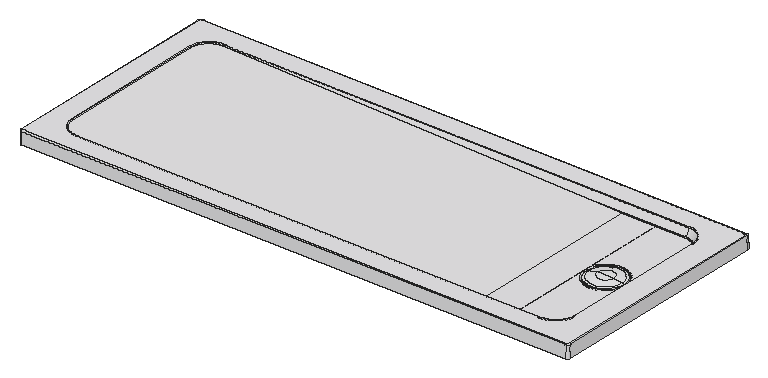
Revit family "Shower-Base-KOHLER-UK-400926", category Plumbing Fixtures, host Face, Revit 2017
Family settings
  Host = Face
  Round Connector Dimension = Use Diameter
  Part Type = Normal
  OmniClass Number = 23.31.17.13
  OmniClass Title = Shower Receptors
  Cut with Voids When Loaded = No
  Shared = No
  Room Calculation Point = No
Parameters (values of type "White")
  Width = 66 15/16"  # constant formula
  WaterSense Certified = 1 = 0  # no
  Waste Water Outlet = "Waste Water Outlet"  # constant formula
  Waste Connection = 1 = 1  # yes
  Vent Connection = 1 = 0  # no
  URL = "https://www.kohler.co.uk/"
  Type = 1
  Product Page URL = ""
  Product Name = "UK"  # constant formula
  Product Documentation Link = ""
  Pressure = 0.00 psi
  Model = "400926"  # constant formula
  Material = "Acrylic Capped ABS"  # constant formula
  Master Format 2014 Name = "Residential Showers"  # constant formula
  Master Format 2014 = "22 42 23"  # constant formula
  Manufacturer Address = "Cromwell Road, Cheltenham, Gloucestershire. GL52 5EP Registered in England No. 252115"  # constant formula
  Manufacturer = "KOHLER Co."  # constant formula
  Length = 27 143/256"  # constant formula
  Hot Water Inlet = "Hot Water Inlet"  # constant formula
  Height = 1 73/128"  # constant formula
  HW Connection = 1 = 0  # no
  Flow Rate = 0 GPM
  Finish = KOHLER-Acrylic-0-White
  Environmental Product Declaration = ""
  Drain Included = 1 = 1  # yes
  Description = "KOHLER UK LOW 1700 x 700 LL TRAY 0 PS"  # constant formula
  Default Elevation = 0"
  Declare Label = ""
  Date Modified = "08/25/2021"  # constant formula
  Date Created = "08/25/2021"  # constant formula
  Copyright = "Copyright KOHLER Co."  # constant formula
  Contact Us = "https://www.kohler.co.uk/support/contact/"
  Cold Water Inlet = "Cold Water Inlet"  # constant formula
  CW Connection = 1 = 0  # no
  Assembly Code = "D2010700"
  ADA Compliant = 1 = 0  # no
Reference planes (in)
  plane 1 "Center (Front/Back)": y = 0
  plane 2: z = 0
  plane 3 "Center (Left/Right)": x = 0
  plane 4: x = -33.46875
  plane 5: x = 33.46875
  plane 6: x = 26.97269
  plane 7: y = 13.77907
  plane 8: x = -30.83095
  plane 9: y = -13.77953
  plane 10: x = 30.83095
  plane 11: z = 1.57031
  plane 12: y = 11.14173
  plane 13: y = -11.14173
Dimensions and locks (in)
  "Width": plane 4 to plane 5
  plane 6 to plane 5 = 6.49606"
  "Length": plane 9 to plane 7
  plane 9 to plane 1 "Center (Front/Back)" = 13.77953"
  plane 9 to plane 13 = 2.6378"
  plane 4 to plane 8 = 2.6378"
  "Height": plane 11 to level
  aligned and locked: plane 2 to host face
  aligned and locked: level to host face
Automatic sketch dimensions
  host sketch curve to host sketch curve = 96"  (x2)
Nested families (in)
  nested 1: "400892" at (13.78371, 0, 0), type "400892"
Connectors (in)
  piping at (26.97269, 0, 0), diameter 1.77344, driven by "Waste Connection", driven by "Waste Water Outlet"
    settings: on nested 1, index 1, connector inside diameter 24", connector length 0", flow factor 0, pipe flow 0 GPM, pressure drop 0.00 psi, fitting loss kfactor 0, connector angle 0.00°, fixture units 0, engagement length 0", angle of deflection 0.00°, flow configuration 0, flow direction 2, fitting loss method 0, system type 16, joint type 0, gender type 0, connector reference index -1, connector utility 1, adjustable connector no, is connector primary yes, connector description "Waste Water Outlet"
Definition of nested family "400892"
  Parameters (values of type "400892")
    Material = none
  Reference planes (in)
    plane 1 "Center (Front/Back)": y = 0
    plane 2: z = 0
    plane 3 "Center (Left/Right)": x = 0
    plane 4: x = -47.25246
    plane 5: x = 19.68504
    plane 6: x = 13.18898
    plane 7: x = -44.61467
    plane 8: x = -13.78371
    plane 9: y = 13.77953
    plane 10: x = 17.04724
    plane 11: z = 1.57
    plane 12: y = -11.14173
    plane 13: y = -13.77953
    plane 14: y = 11.14173
  Forms (in)
    Sweep 1, solid, material <- "Material", detail levels medium+fine
      path origin (0, 0, 0) x (1, 0, 0) y (0, 1, 0)
        loop
          line (-47.24409, 13.47059) -> (-47.24409, -13.47059)
          arc (-47.24409, -13.47059) -> (-47.15361, -13.68904) -> (-46.93515, -13.77953) r 0.30894
          line (-46.93515, -13.77953) -> (19.3761, -13.77953)
          arc (19.3761, -13.77953) -> (19.59455, -13.68904) -> (19.68504, -13.47059) r 0.30894
          line (19.68504, -13.47059) -> (19.68504, 13.47059)
          arc (19.68504, 13.47059) -> (19.59455, 13.68904) -> (19.3761, 13.77953) r 0.30894
          line (19.3761, 13.77953) -> (-46.93515, 13.77953)
          arc (-46.93515, 13.77953) -> (-47.15361, 13.68904) -> (-47.24409, 13.47059) r 0.30894
      profile origin (-47.24409, 0, 0) x (1, 0, 0) y (0, 0, 1)
        loop
          line (0.00064, 0) -> (0.19274, 0) -> (0.19274, 1.57) -> (0.15624, 1.57)
          arc (0.15624, 1.57) -> (0.07423, 1.53666) -> (0.03876, 1.45556) r 0.11752
          line (0.03876, 1.45556) -> (0.00064, 0)
    Sweep 2, solid, material <- "Material", detail levels medium+fine
      path origin (0, 0, 0) x (1, 0, 0) y (0, 1, 0)
        loop
          line (-44.48218, 8.97638) -> (-44.48218, -8.97638)
          arc (-44.48218, -8.97638) -> (-43.84797, -10.50751) -> (-42.31683, -11.14173) r 2.16535
          line (-42.31683, -11.14173) -> (14.28496, -11.14173)
          arc (14.28496, -11.14173) -> (15.8161, -10.50751) -> (16.45032, -8.97638) r 2.16535
          line (16.45032, -8.97638) -> (16.45032, 8.97638)
          arc (16.45032, 8.97638) -> (15.8161, 10.50751) -> (14.28496, 11.14173) r 2.16535
          line (14.28496, 11.14173) -> (-42.31683, 11.14173)
          arc (-42.31683, 11.14173) -> (-43.84797, 10.50751) -> (-44.48218, 8.97638) r 2.16535
      profile origin (16.45032, 0, 0) x (1, 0, 0) y (0, 0, 1)
        loop
          arc (0.16765, 1.57) -> (0.12142, 1.55652) -> (0.08966, 1.52032) r 0.08605
          line (0.08966, 1.52032) -> (-0.30181, 0.6808)
          arc (-0.30181, 0.6808) -> (-0.34662, 0.6297) -> (-0.41187, 0.61069) r 0.12143
          line (-0.41187, 0.61069) -> (-0.51673, 0.61069) -> (-0.51673, 0) -> (0.22753, 0) -> (0.22753, 1.57) -> (0.16765, 1.57)
    Extrusion 3, solid, material <- "Material", detail levels medium+fine
      sketch origin (0, 0, 0) x (1, 0, 0) y (0, 1, 0)
        loop
          line (-44.70971, 8.97638) -> (-44.70971, -8.97638)
          arc (-44.70971, -8.97638) -> (-44.00885, -10.6684) -> (-42.31683, -11.36926) r 2.39288
          line (-42.31683, -11.36926) -> (14.28496, -11.36926)
          arc (14.28496, -11.36926) -> (15.97699, -10.6684) -> (16.67785, -8.97638) r 2.39288
          line (16.67785, -8.97638) -> (16.67785, 8.97638)
          arc (16.67785, 8.97638) -> (15.97699, 10.6684) -> (14.28496, 11.36926) r 2.39288
          line (14.28496, 11.36926) -> (-42.31683, 11.36926)
          arc (-42.31683, 11.36926) -> (-44.00885, 10.6684) -> (-44.70971, 8.97638) r 2.39288
        loop
          arc (19.3761, -13.58679) -> (19.45827, -13.55276) -> (19.4923, -13.47059) r 0.1162
          line (19.4923, -13.47059) -> (19.4923, 13.47059)
          arc (19.4923, 13.47059) -> (19.45827, 13.55276) -> (19.3761, 13.58679) r 0.1162
          line (19.3761, 13.58679) -> (-46.93515, 13.58679)
          arc (-46.93515, 13.58679) -> (-47.01732, 13.55276) -> (-47.05136, 13.47059) r 0.1162
          line (-47.05136, 13.47059) -> (-47.05136, -13.47059)
          arc (-47.05136, -13.47059) -> (-47.01732, -13.55276) -> (-46.93515, -13.58679) r 0.1162
          line (-46.93515, -13.58679) -> (19.3761, -13.58679)
      from 0 to 1.57
    Extrusion 4, solid, material <- "Material", detail levels medium+fine
      sketch origin (0, 0, 0) x (1, 0, 0) y (0, 1, 0)
        loop
          arc (-42.31683, 13.01427) -> (-44.37424, 12.16206) -> (-45.22645, 10.10466) r 2.90962
          line (-45.22645, 10.10466) -> (-45.22645, -10.07316)
          arc (-45.22645, -10.07316) -> (-44.37424, -12.13057) -> (-42.31683, -12.98278) r 2.90962
          line (-42.31683, -12.98278) -> (14.28496, -12.98278)
          arc (14.28496, -12.98278) -> (16.36464, -12.12134) -> (17.22608, -10.04166) r 2.94111
          line (17.22608, -10.04166) -> (17.22608, 10.07316)
          arc (17.22608, 10.07316) -> (16.36464, 12.15284) -> (14.28496, 13.01427) r 2.94111
          line (14.28496, 13.01427) -> (-42.31683, 13.01427)
      from 0 to 0.61069
    Extrusion 5, solid, material <- "Material", detail levels medium+fine
      sketch origin (0, 0, 0) x (1, 0, 0) y (0, 0, 1)
        loop
          line (-45.82384, 1.52188) -> (-45.82384, 0.27134) -> (10.64181, 0.27134) -> (10.64181, 0.53841) -> (-45.82384, 1.52188)
      from -12.98278 to 12.98278
    Revolve 6, void
      sketch origin (0, 0, 0) x (1, 0, 0) y (0, 0, 1)
        loop
          line (13.18898, 0.61069) -> (10.69274, 0.61069)
          arc (10.69274, 0.61069) -> (10.79972, 0.57015) -> (10.85299, 0.46891) r 0.16145
          arc (10.85299, 0.46891) -> (10.89377, 0.38886) -> (10.97647, 0.35375) r 0.13134
          line (10.97647, 0.35375) -> (11.29827, 0.33689)
          arc (11.29827, 0.33689) -> (11.38715, 0.29591) -> (11.42342, 0.205) r 0.13206
          line (11.42342, 0.205) -> (11.42342, 0.04921) -> (13.18898, 0.04921) -> (13.18898, 0.61069)
        axis (13.18898, 0.61069) -> (13.18898, 0.04921)
      angle from 0 to 360
    Revolve 7, solid, detail levels medium+fine
      sketch origin (0, 0, 0) x (1, 0, 0) y (0, 0, 1)
        loop
          arc (12.20594, 0.82873) -> (11.70777, 0.76396) -> (11.21368, 0.67311) r 9.5597
          arc (11.21368, 0.67311) -> (11.05913, 0.63913) -> (10.90515, 0.6026) r 9.5597
          arc (10.90515, 0.6026) -> (10.87312, 0.57863) -> (10.86808, 0.53894) r 0.05123
          arc (10.86808, 0.53894) -> (10.88165, 0.50167) -> (10.90057, 0.46682) r 0.26756
          arc (10.90057, 0.46682) -> (10.95181, 0.41914) -> (11.01962, 0.40184) r 0.14155
          line (11.01962, 0.40184) -> (11.34496, 0.40184)
          arc (11.34496, 0.40184) -> (11.4528, 0.35717) -> (11.49747, 0.24933) r 0.15251
          line (11.49747, 0.24933) -> (11.49747, 0.14287)
          arc (11.49747, 0.14287) -> (11.51069, 0.11097) -> (11.54258, 0.09776) r 0.04511
          line (11.54258, 0.09776) -> (13.18898, 0.09776) -> (13.18898, 0.87941)
          arc (13.18898, 0.87941) -> (12.69681, 0.86673) -> (12.20594, 0.82873) r 9.5597
        axis (13.18898, 0.09776) -> (13.18898, 0.87941)
      angle from 0 to 360
    Extrusion 8, solid, material <- "Material", detail levels coarse
      sketch origin (0, 0, 0) x (1, 0, 0) y (0, 1, 0)
        loop
          line (-47.24409, 13.77953) -> (-47.24409, -13.77953) -> (19.68504, -13.77953) -> (19.68504, 13.77953) -> (-47.24409, 13.77953)
      from 0 to 1.57
    Extrusion 9, void
      sketch origin (0, 0, 0) x (1, 0, 0) y (0, 1, 0)
        loop
          arc (-41.70505, 11.14173) -> (-43.76246, 10.28953) -> (-44.61467, 8.23212) r 2.90962
          line (-44.61467, 8.23212) -> (-44.61467, -8.23212)
          arc (-44.61467, -8.23212) -> (-43.76246, -10.28953) -> (-41.70505, -11.14173) r 2.90962
          line (-41.70505, -11.14173) -> (14.10613, -11.14173)
          arc (14.10613, -11.14173) -> (16.16354, -10.28953) -> (17.01575, -8.23212) r 2.90962
          line (17.01575, -8.23212) -> (17.01575, 8.23212)
          arc (17.01575, 8.23212) -> (16.16354, 10.28953) -> (14.10613, 11.14173) r 2.90962
          line (14.10613, 11.14173) -> (-41.70505, 11.14173)
      from 0.58571 to 2.83896
    Extrusion 10, solid, material <- "Material", detail levels medium+fine
      sketch origin (0, 0, 0) x (1, 0, 0) y (0, 1, 0)
        loop
          circle (13.18898, 0) r 0.11247
      from 0 to 0.04921
  Cuts and joins
    Revolve 6 cuts Extrusion 4
    joined: Sweep 1, Sweep 2, Extrusion 3, Extrusion 4
    Extrusion 9 cuts Extrusion 8
  Lines and regions (in)
    Masking region 1
      outline origin (0, 0, 0) x (1, 0, 0) y (0, 1, 0)
        loop
          arc (-46.94399, 13.77953) -> (-47.16211, 13.68918) -> (-47.25246, 13.47106) r 0.30847
          line (-47.25246, 13.47106) -> (-47.25246, -13.47106)
          arc (-47.25246, -13.47106) -> (-47.16211, -13.68918) -> (-46.94399, -13.77953) r 0.30847
          line (-46.94399, -13.77953) -> (19.37657, -13.77953)
          arc (19.37657, -13.77953) -> (19.59469, -13.68918) -> (19.68504, -13.47106) r 0.30847
          line (19.68504, -13.47106) -> (19.68504, 13.47106)
          arc (19.68504, 13.47106) -> (19.59469, 13.68918) -> (19.37657, 13.77953) r 0.30847
          line (19.37657, 13.77953) -> (-46.94399, 13.77953)
    Masking region 2
      outline origin (0, 0, 0) x (1, 0, 0) y (0, 0, 1)
        loop
          arc (-47.09035, 1.57) -> (-47.17114, 1.53715) -> (-47.20607, 1.45724) r 0.11576
          line (-47.20607, 1.45724) -> (-47.2438, 0) -> (19.68474, 0) -> (19.64702, 1.45724)
          arc (19.64702, 1.45724) -> (19.61209, 1.53715) -> (19.5313, 1.57) r 0.11576
          line (19.5313, 1.57) -> (-47.09035, 1.57)
    Masking region 3
      outline origin (0, 0, 0) x (0, 1, 0) y (0, 0, 1)
        loop
          line (13.62169, 1.57) -> (-13.62169, 1.57)
          arc (-13.62169, 1.57) -> (-13.70498, 1.53613) -> (-13.74101, 1.45375) r 0.11935
          line (-13.74101, 1.45375) -> (-13.77888, 0) -> (13.77888, 0) -> (13.74101, 1.45375)
          arc (13.74101, 1.45375) -> (13.70498, 1.53613) -> (13.62169, 1.57) r 0.11935
    symbolic lines, detail levels medium+fine
      curve 1: arc (-46.94492, 13.65791, 0) -> (-47.07952, 13.60216, 0) -> (-47.13527, 13.46755, 0) r 0.19036
      curve 2: line (-47.13527, 13.46755, 0) -> (-47.13527, -13.49905, 0)
      curve 3: line (19.56693, -13.49905, 0) -> (19.56693, 13.46755, 0)
      curve 4: arc (19.56693, 13.46755, 0) -> (19.51117, 13.60216, 0) -> (19.37657, 13.65791, 0) r 0.19036
      curve 5: line (19.37657, 13.65791, 0) -> (-46.94492, 13.65791, 0)
      curve 7: line (16.48819, 8.27129, 0) -> (16.48819, -8.30284, 0)
      curve 9: circle (13.18898, 0, 0) r 2.30906 normal (0, 0, 1)
      curve 10: circle (13.18898, 0, 0) r 1.88609 normal (0, 0, 1)
      curve 11: line (-47.20557, 0, 1.48086) -> (19.64719, 0, 1.48086)
      curve 12: line (0, 13.73905, 1.47738) -> (0, -13.73802, 1.47738)
      curve 14: line (-44.10285, 8.30279, 0) -> (-44.10285, -8.33434, 0)
      curve 17: line (-41.80727, 10.59837, 0) -> (14.16111, 10.59837, 0)
      curve 18: arc (16.48819, 8.27129, 0) -> (15.8066, 9.91679, 0) -> (14.16111, 10.59837, 0) r 2.32708
      curve 20: arc (-44.10285, 8.30279, 0) -> (-43.43049, 9.92601, 0) -> (-41.80727, 10.59837, 0) r 2.29558
      curve 23: arc (16.48819, -8.30284, 0) -> (15.8066, -9.94834, 0) -> (14.16111, -10.62992, 0) r 2.32708
      curve 24: line (-41.80727, -10.62992, 0) -> (14.16111, -10.62992, 0)
      curve 26: arc (-44.10285, -8.33434, 0) -> (-43.43049, -9.95756, 0) -> (-41.80727, -10.62992, 0) r 2.29558
      curve 27: line (19.3761, 0, 0) -> (19.3761, 0, 1.57)
      curve 28: line (-46.93515, 0, 0) -> (-46.93515, 0, 1.57)
      curve 29: line (0, 13.56458, 0) -> (0, 13.56458, 1.57)
      curve 30: arc (-46.94492, -13.68941, 0) -> (-47.07952, -13.63365, 0) -> (-47.13527, -13.49905, 0) r 0.19036
      curve 31: arc (19.56693, -13.49905, 0) -> (19.51117, -13.63365, 0) -> (19.37657, -13.68941, 0) r 0.19036
      curve 32: line (19.37657, -13.68941, 0) -> (-46.94492, -13.68941, 0)
      curve 33: line (0, -13.59608, 0) -> (0, -13.59608, 1.56902)
      curve 34: line (-41.80727, -10.94488, 0) -> (14.20836, -10.94488, 0)
      curve 35: arc (16.85039, -8.30284, 0) -> (16.07656, -10.17105, 0) -> (14.20836, -10.94488, 0) r 2.64204
      curve 36: line (16.85039, 8.30284, 0) -> (16.85039, -8.30284, 0)
      curve 37: arc (16.85039, 8.30284, 0) -> (16.07656, 10.17105, 0) -> (14.20836, 10.94488, 0) r 2.64204
      curve 38: line (-41.80727, 10.94488, 0) -> (14.20836, 10.94488, 0)
      curve 39: arc (-44.41781, 8.33434, 0) -> (-43.65321, 10.18027, 0) -> (-41.80727, 10.94488, 0) r 2.61054
      curve 40: line (-44.41781, 8.33434, 0) -> (-44.41781, -8.33434, 0)
      curve 41: arc (-44.41781, -8.33434, 0) -> (-43.65321, -10.18027, 0) -> (-41.80727, -10.94488, 0) r 2.61054
      curve 42: line (-41.80727, -10.51181, 0) -> (14.16111, -10.51181, 0)
      curve 43: arc (16.37008, -8.30284, 0) -> (15.72309, -9.86482, 0) -> (14.16111, -10.51181, 0) r 2.20897
      curve 44: line (16.37008, 8.27129, 0) -> (16.37008, -8.30284, 0)
      curve 45: arc (16.37008, 8.27129, 0) -> (15.72309, 9.83327, 0) -> (14.16111, 10.48026, 0) r 2.20897
      curve 46: line (-41.80727, 10.48026, 0) -> (14.16111, 10.48026, 0)
      curve 47: arc (-43.98474, 8.30279, 0) -> (-43.34698, 9.84249, 0) -> (-41.80727, 10.48026, 0) r 2.17747
      curve 48: line (-43.98474, 8.30279, 0) -> (-43.98474, -8.33434, 0)
      curve 49: arc (-43.98474, -8.33434, 0) -> (-43.34698, -9.87404, 0) -> (-41.80727, -10.51181, 0) r 2.17747
    symbolic lines
      curve 6: line (17.04724, 8.30284, 0) -> (17.04724, -8.30284, 0)
      curve 8: circle (13.18898, 0, 0) r 2.48395 normal (0, 0, 1)
      curve 13: line (-44.61467, 8.33434, 0) -> (-44.61467, -8.33434, 0)
      curve 15: line (-41.80727, 11.14173, 0) -> (14.20836, 11.14173, 0)
      curve 16: arc (17.04724, 8.30284, 0) -> (16.21575, 10.31024, 0) -> (14.20836, 11.14173, 0) r 2.83889
      curve 19: arc (-44.61467, 8.33434, 0) -> (-43.7924, 10.31947, 0) -> (-41.80727, 11.14173, 0) r 2.80739
      curve 21: line (-41.80727, -11.14173, 0) -> (14.20836, -11.14173, 0)
      curve 22: arc (17.04724, -8.30284, 0) -> (16.21575, -10.31024, 0) -> (14.20836, -11.14173, 0) r 2.83889
      curve 25: arc (-44.61467, -8.33434, 0) -> (-43.7924, -10.31947, 0) -> (-41.80727, -11.14173, 0) r 2.80739
  Dimensions and locks (in)
    plane 6 to plane 5 = 6.49606"
    plane 4 to plane 5 = 66 15/16"
    equal spacing: plane 4, plane 8, plane 5
    plane 11 to level = 1.57"
    plane 4 to plane 7 = 2.6378"
    plane 9 to plane 1 "Center (Front/Back)" = 13.77953"
    plane 13 to plane 12 = 2.6378"
    plane 9 to plane 13 = 27.55906"
    aligned and locked: plane 2 to level
  Automatic sketch dimensions
    Sweep 1 sketch curve to plane 5 = 0"
    plane 5 to Sweep 1 sketch curve = 0.30894"
    Sweep 1 sketch curve to Sweep 1 sketch curve = 0.30894"
    plane 4 to Sweep 1 sketch curve = 0.31731"  (x2)
    plane 4 to Sweep 1 sketch curve = 0.00837"
    Sweep 1 sketch curve to level = 0"
    Sweep 1 sketch curve to profile plane = 0.00064"
    Sweep 1 sketch curve to profile plane = 0.03876"
    Sweep 1 sketch curve to profile plane = 5/32"
    Sweep 1 sketch curve to Sweep 1 sketch curve = 0.0365"
    level to Sweep 1 sketch curve = 1.45248"
    Sweep 1 sketch curve to Sweep 1 sketch curve = 0.00308"
    plane 7 to Sweep 2 sketch curve = 0.13248"
    plane 7 to Sweep 2 sketch curve = 2.29784"
    Sweep 2 sketch curve to Sweep 2 sketch curve = 2.16535"  (x2)
    plane 6 to Sweep 2 sketch curve = 1.09599"  (x2)
    Sweep 2 sketch curve to level = 0"
    profile plane to Sweep 2 sketch curve = 0.51673"
    profile plane to Sweep 2 sketch curve = 0.41187"
    Sweep 2 sketch curve to Sweep 2 sketch curve = 0.11006"
    Sweep 2 sketch curve to profile plane = 0.08966"
    Sweep 2 sketch curve to Sweep 2 sketch curve = 0.07799"
    Sweep 2 sketch curve to Sweep 2 sketch curve = 0.05988"
    level to Sweep 2 sketch curve = 0.61069"
    Sweep 2 sketch curve to Sweep 2 sketch curve = 0.07011"
    Sweep 2 sketch curve to Sweep 2 sketch curve = 0.80315"
    Sweep 2 sketch curve to Sweep 2 sketch curve = 0.03637"
    Extrusion 4 sketch curve to plane 7 = 0.61178"
    plane 7 to Extrusion 4 sketch curve = 2.29784"  (x2)
    plane 6 to Extrusion 4 sketch curve = 1.09599"  (x2)
    Extrusion 5 sketch curve to plane 7 = 1.20918"
    level to Extrusion 5 sketch curve = 0.27134"
    Extrusion 5 sketch curve to plane 6 = 2.54717"
    Extrusion 5 sketch curve to Extrusion 5 sketch curve = 0.26707"
    Revolve 6 sketch curve to plane 6 = 0"  (x2)
    level to Revolve 6 sketch curve = 0.04921"
    Revolve 6 sketch curve to Revolve 6 sketch curve = 1.76556"
    level to Revolve 6 sketch curve = 0.33689"
    Revolve 6 sketch curve to Revolve 6 sketch curve = 0.12515"
    Revolve 6 sketch curve to Revolve 6 sketch curve = 0.13206"
    Revolve 6 sketch curve to Revolve 6 sketch curve = 0.31492"
    level to Revolve 6 sketch curve = 0.35375"
    Revolve 6 sketch curve to Revolve 6 sketch curve = 0.00687"
    Revolve 6 sketch curve to Revolve 6 sketch curve = 0.29061"
    Revolve 6 sketch curve to Revolve 6 sketch curve = 0.09549"
    Revolve 6 sketch curve to Revolve 6 sketch curve = 0.13116"
    Revolve 6 sketch curve to Revolve 6 sketch curve = 0.56147"
    Revolve 6 sketch curve to Revolve 6 sketch curve = 0"  (x2)
    Revolve 6 sketch curve to level = 0.08895"
    Revolve 6 sketch curve to Revolve 6 sketch curve = 0.1576"
    Revolve 7 sketch curve to Revolve 7 sketch curve = 0"  (x6)
    Revolve 7 sketch curve to plane 6 = 0"  (x2)
    level to Revolve 7 sketch curve = 0.14287"
    Revolve 7 sketch curve to plane 6 = 1.64639"
    Revolve 7 sketch curve to Revolve 7 sketch curve = 0.04511"
    Revolve 7 sketch curve to Revolve 7 sketch curve = 0.15251"
    Revolve 7 sketch curve to Revolve 7 sketch curve = 0.21935"
    Revolve 7 sketch curve to Revolve 7 sketch curve = 0.10599"
    Revolve 7 sketch curve to Revolve 7 sketch curve = 0.10222"
    Revolve 7 sketch curve to level = 8.6803"
    Revolve 7 sketch curve to Revolve 7 sketch curve = 0.10646"
    Revolve 7 sketch curve to Revolve 7 sketch curve = 0.14155"
    Revolve 7 sketch curve to Revolve 7 sketch curve = 0.00946"
    Revolve 7 sketch curve to Revolve 7 sketch curve = 0.06817"
    Revolve 7 sketch curve to Revolve 7 sketch curve = 0.08808"
    Masking region 1 sketch curve to plane 4 = 0"
    Masking region 1 sketch curve to plane 5 = 0"
    plane 4 to Masking region 1 sketch curve = 0.30847"  (x2)
    plane 5 to Masking region 1 sketch curve = 0.30847"  (x2)
    Masking region 2 sketch curve to level = 0"
    plane 5 to Masking region 2 sketch curve = 0.0003"
    plane 5 to Masking region 2 sketch curve = 0.03802"
    Masking region 2 sketch curve to Masking region 2 sketch curve = 0.11572"
    plane 4 to Masking region 2 sketch curve = 0.16211"
    plane 4 to Masking region 2 sketch curve = 0.04639"
    plane 4 to Masking region 2 sketch curve = 0.00867"
    Masking region 2 sketch curve to Masking region 2 sketch curve = 0.11576"  (x2)
    Masking region 3 sketch curve to level = 0"
    Masking region 3 sketch curve to Masking region 3 sketch curve = 0.11935"  (x2)
    Extrusion 8 sketch curve to plane 5 = 0"
    plane 4 to Extrusion 8 sketch curve = 0.00837"
    plane 7 to Extrusion 9 sketch curve = 0"
    Extrusion 9 sketch curve to Extrusion 9 sketch curve = 2.90962"  (x2)
    plane 6 to Extrusion 9 sketch curve = 0.91716"  (x2)
    plane 1 "Center (Front/Back)" to Extrusion 10 sketch curve = 0"
    Extrusion 10 sketch curve to plane 6 = 0"
    Masking region 3 sketch curve to Masking region 3 sketch curve = 0.03788"  (x2)
    Sweep 1 sketch curve to plane 1 "Center (Front/Back)" = 13.47059"
    Sweep 2 sketch curve to plane 1 "Center (Front/Back)" = 8.97638"
    Extrusion 4 sketch curve to plane 1 "Center (Front/Back)" = 10.07316"
    Masking region 1 sketch curve to plane 1 "Center (Front/Back)" = 13.47106"
    Masking region 3 sketch curve to plane 1 "Center (Front/Back)" = 13.62169"
    Extrusion 8 sketch curve to plane 1 "Center (Front/Back)" = 13.77953"
    Extrusion 9 sketch curve to plane 1 "Center (Front/Back)" = 8.23212"
    plane 1 "Center (Front/Back)" to Sweep 1 sketch curve = 13.47059"
    plane 1 "Center (Front/Back)" to Sweep 2 sketch curve = 8.97638"
    plane 1 "Center (Front/Back)" to Extrusion 4 sketch curve = 10.07316"
    plane 1 "Center (Front/Back)" to Masking region 1 sketch curve = 13.47106"
    plane 1 "Center (Front/Back)" to Masking region 3 sketch curve = 13.62169"
    plane 1 "Center (Front/Back)" to Extrusion 8 sketch curve = 13.77953"
    plane 1 "Center (Front/Back)" to Extrusion 9 sketch curve = 8.23212"
    plane 5 to Extrusion 9 sketch curve = 2.66929"
    Extrusion 5 sketch curve to Extrusion 5 sketch curve = 1.25054"
    Revolve 7 sketch curve to Revolve 7 sketch curve = 0.78165"
    level to Revolve 7 sketch curve = 0.82873"
    Revolve 7 sketch curve to Revolve 7 sketch curve = 0.50668"
    Revolve 7 sketch curve to Revolve 7 sketch curve = 0.32517"
    level to Masking region 2 sketch curve = 1.45424"
    level to Masking region 3 sketch curve = 1.45375"  (x2)
    Masking region 3 sketch curve to Masking region 3 sketch curve = 0.11931"
    Extrusion 4 sketch curve to plane 10 = 0.17883"
    curve 33 to level = 0"
    plane 11 to curve 29 = 0"
    curve 29 to level = 0"
    curve 12 to plane 13 = 0.04151"
    curve 33 to plane 13 = 0.18345"
    curve 29 to plane 9 = 0.21494"
    curve 12 to plane 9 = 0.04047"
    plane 11 to curve 12 = 0.09262"
    plane 11 to curve 33 = 0.00098"
    curve 8 to curve 9 = 0"
    curve 8 to curve 10 = 0"  (x2)
    curve 9 to curve 10 = 0"
    curve 16 to curve 37 = 0"  (x2)
    curve 18 to curve 45 = 0"  (x2)
    curve 19 to curve 39 = 0"  (x2)
    curve 20 to curve 47 = 0"  (x2)
    curve 22 to curve 35 = 0"  (x2)
    curve 23 to curve 43 = 0"  (x2)
    curve 25 to curve 26 = 0"
    curve 26 to curve 49 = 0"
    curve 41 to curve 49 = 0"  (x2)
    curve 25 to plane 7 = 0"
    curve 19 to plane 14 = 0"
    plane 12 to curve 21 = 0"
    plane 1 "Center (Front/Back)" to curve 9 = 0"
    curve 9 to plane 6 = 0"
    curve 22 to plane 10 = 0"
    curve 5 to plane 9 = 0.12162"
    plane 4 to curve 5 = 0.30755"
    curve 32 to plane 13 = 0.09012"
    plane 4 to curve 32 = 0.30755"
    plane 4 to curve 2 = 15/128"
    curve 13 to curve 40 = 0.19685"
    curve 39 to curve 14 = 0.31496"
    curve 14 to curve 39 = 2.29558"
    curve 14 to curve 41 = 2.29558"
    curve 47 to curve 19 = 0"
    plane 6 to curve 45 = 0.97214"
    plane 6 to curve 23 = 0.97214"
    curve 23 to curve 35 = 0.04724"
    curve 18 to curve 37 = 0.04724"
    curve 7 to curve 35 = 0.3622"
    plane 5 to curve 32 = 0.30847"
    plane 5 to curve 5 = 0.30847"
    plane 5 to curve 3 = 0.11811"
    curve 14 to curve 39 = 0.03155"
    curve 43 to curve 23 = 0.11811"
    curve 28 to level = 0"
    curve 28 to plane 11 = 0"
    curve 27 to plane 11 = 0"
    curve 27 to level = 0"
    plane 4 to curve 11 = 3/64"
    plane 4 to curve 28 = 0.31731"
    plane 5 to curve 27 = 0.30894"
    plane 5 to curve 11 = 0.03785"
    plane 11 to curve 11 = 0.08914"
    Extrusion 3 sketch curve to plane 7 = 0.09505"
    plane 7 to Extrusion 3 sketch curve = 2.29784"  (x2)
    plane 6 to Extrusion 3 sketch curve = 1.09599"  (x2)
    plane 14 to Extrusion 3 sketch curve = 0.22753"
    plane 10 to Extrusion 3 sketch curve = 0.3694"
    plane 12 to Extrusion 3 sketch curve = 0.22753"
    plane 4 to Extrusion 3 sketch curve = 0.31731"  (x2)
    Extrusion 3 sketch curve to plane 9 = 0.19274"
    Extrusion 3 sketch curve to Extrusion 3 sketch curve = 0.1162"  (x2)
    Extrusion 3 sketch curve to plane 13 = 0.19274"
    plane 5 to Extrusion 3 sketch curve = 0.30894"  (x2)
    radius of Extrusion 10 sketch curve = 0.11247"
    radius of curve 8 = 2.48395"
    radius of curve 9 = 2.30906"
    radius of curve 10 = 1.88609"
